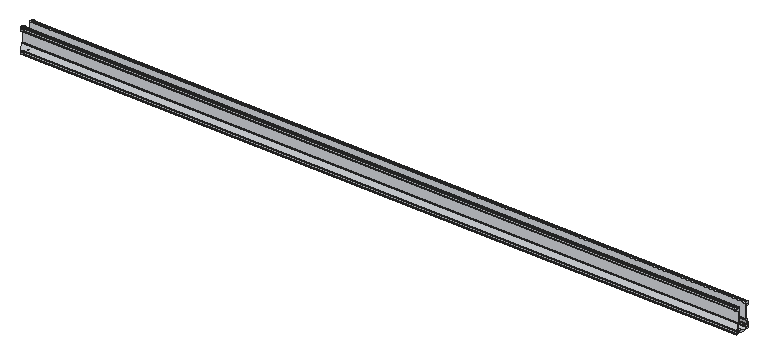
Revit family "54TSC4.00 16g Bottom Chord", category Structural Framing, Revit 2020
Family settings
  Section Shape = Not Defined
  Material for Model Behavior = Steel
  Always export as geometry = No
  OmniClass Number = 23.25.30.11.14.14
  OmniClass Title = Beams
  Always vertical = Yes
  Cut with Voids When Loaded = No
  Symbolic Representation = From Family
  Shared = No
  Show family pre-cut in plan views = Yes
Parameters
  Weight lbs per ft [instance] = 2.3976
  URL = "https://www.trussteel.com/details_files/pdf/ts008.pdf"
  Total Member Weight lbs [instance] = Length / 1' 0" * Weight lbs per ft  # 23.976
  Structural Material = ASTM A653 SS Grade 55 G90
  Steel Design Thickness (in) [instance] = 0.0566
  Model = "54TSC4.00"
  Manufacturer = "TrusSteel"
  Length [instance] = 10' - 0"
  Fy (ksi) [instance] = 55
  Fu (ksi) [instance] = 65
  Description = "Chord"
  Cross Section Area (in2) [instance] = 0.7052
  Beam Height = 0' - 4"
  Beam Width = 0' - 2 1/2"
Reference planes (in)
  plane 1 "Center (Front/Back)": y = 0
  plane 2 "Center El.": z = 0
  plane 3 "Center (Left/Right)": x = 0
  plane 4 "Left": x = -60
  plane 5 "Right": x = 60
Forms (in)
  Extrusion 1, solid
    sketch origin (0, 0, 0) x (0, 1, 0) y (0, 0, 1)
      loop
        line (0.8066, 1.57412) -> (0.8066, 3.8834)
        arc (0.8066, 3.8834) -> (0.82417, 3.92583) -> (0.8666, 3.9434) r 0.06
        line (0.8666, 3.9434) -> (1.1334, 3.9434)
        arc (1.1334, 3.9434) -> (1.17583, 3.92583) -> (1.1934, 3.8834) r 0.06
        line (1.1934, 3.8834) -> (1.1934, 3.6166)
        arc (1.1934, 3.6166) -> (1.17583, 3.57417) -> (1.1334, 3.5566) r 0.06
        line (1.1334, 3.5566) -> (1, 3.5566) -> (1, 3.5) -> (1.1334, 3.5)
        arc (1.1334, 3.5) -> (1.21585, 3.53415) -> (1.25, 3.6166) r 0.1166
        line (1.25, 3.6166) -> (1.25, 3.8834)
        arc (1.25, 3.8834) -> (1.21585, 3.96585) -> (1.1334, 4) r 0.1166
        line (1.1334, 4) -> (0.8666, 4)
        arc (0.8666, 4) -> (0.78415, 3.96585) -> (0.75, 3.8834) r 0.1166
        line (0.75, 3.8834) -> (0.75, 1.57412)
        arc (0.75, 1.57412) -> (0.75882, 1.48988) -> (0.7849, 1.4093) r 0.4066
        line (0.7849, 1.4093) -> (1.16336, 0.55577)
        arc (1.16336, 0.55577) -> (1.18581, 0.48641) -> (1.1934, 0.4139) r 0.35
        line (1.1934, 0.4139) -> (1.1934, 0.1506)
        arc (1.1934, 0.1506) -> (1.16587, 0.08413) -> (1.0994, 0.0566) r 0.094
        line (1.0994, 0.0566) -> (0.2508, 0.0566)
        arc (0.2508, 0.0566) -> (0.21957, 0.06395) -> (0.19491, 0.08446) r 0.07
        arc (0.19491, 0.08446) -> (0, 0.1816) -> (-0.19491, 0.08446) r 0.2441
        arc (-0.19491, 0.08446) -> (-0.21957, 0.06395) -> (-0.2508, 0.0566) r 0.07
        line (-0.2508, 0.0566) -> (-1.0994, 0.0566)
        arc (-1.0994, 0.0566) -> (-1.16587, 0.08413) -> (-1.1934, 0.1506) r 0.094
        line (-1.1934, 0.1506) -> (-1.1934, 0.4139)
        arc (-1.1934, 0.4139) -> (-1.18581, 0.48641) -> (-1.16336, 0.55577) r 0.35
        line (-1.16336, 0.55577) -> (-0.7849, 1.4093)
        arc (-0.7849, 1.4093) -> (-0.75882, 1.48988) -> (-0.75, 1.57412) r 0.4066
        line (-0.75, 1.57412) -> (-0.75, 3.8834)
        arc (-0.75, 3.8834) -> (-0.78415, 3.96585) -> (-0.8666, 4) r 0.1166
        line (-0.8666, 4) -> (-1.1334, 4)
        arc (-1.1334, 4) -> (-1.21585, 3.96585) -> (-1.25, 3.8834) r 0.1166
        line (-1.25, 3.8834) -> (-1.25, 3.6166)
        arc (-1.25, 3.6166) -> (-1.21585, 3.53415) -> (-1.1334, 3.5) r 0.1166
        line (-1.1334, 3.5) -> (-1, 3.5) -> (-1, 3.5566) -> (-1.1334, 3.5566)
        arc (-1.1334, 3.5566) -> (-1.17583, 3.57417) -> (-1.1934, 3.6166) r 0.06
        line (-1.1934, 3.6166) -> (-1.1934, 3.8834)
        arc (-1.1934, 3.8834) -> (-1.17583, 3.92583) -> (-1.1334, 3.9434) r 0.06
        line (-1.1334, 3.9434) -> (-0.8666, 3.9434)
        arc (-0.8666, 3.9434) -> (-0.82417, 3.92583) -> (-0.8066, 3.8834) r 0.06
        line (-0.8066, 3.8834) -> (-0.8066, 1.57412)
        arc (-0.8066, 1.57412) -> (-0.81419, 1.50161) -> (-0.83664, 1.43225) r 0.35
        line (-0.83664, 1.43225) -> (-1.2151, 0.57871)
        arc (-1.2151, 0.57871) -> (-1.24118, 0.49813) -> (-1.25, 0.4139) r 0.4066
        line (-1.25, 0.4139) -> (-1.25, 0.1506)
        arc (-1.25, 0.1506) -> (-1.20589, 0.04411) -> (-1.0994, 0) r 0.1506
        line (-1.0994, 0) -> (-0.2508, 0)
        arc (-0.2508, 0) -> (-0.19433, 0.01329) -> (-0.14971, 0.05038) r 0.1266
        arc (-0.14971, 0.05038) -> (0, 0.125) -> (0.14971, 0.05038) r 0.1875
        arc (0.14971, 0.05038) -> (0.19433, 0.01329) -> (0.2508, 0) r 0.1266
        line (0.2508, 0) -> (1.0994, 0)
        arc (1.0994, 0) -> (1.20589, 0.04411) -> (1.25, 0.1506) r 0.1506
        line (1.25, 0.1506) -> (1.25, 0.4139)
        arc (1.25, 0.4139) -> (1.24118, 0.49813) -> (1.2151, 0.57871) r 0.4066
        line (1.2151, 0.57871) -> (0.83664, 1.43225)
        arc (0.83664, 1.43225) -> (0.81419, 1.50161) -> (0.8066, 1.57412) r 0.35
    from -60 to 60
Dimensions and locks (in)
  equal spacing: plane 4 "Left", plane 3 "Center (Left/Right)", plane 5 "Right"
  "Length": plane 4 "Left" to plane 5 "Right"
  "Beam Width": Extrusion 1 to Extrusion 1
  "Beam Height": Extrusion 1 to Extrusion 1
  aligned and locked: level to plane 2 "Center El."
  aligned and locked: plane 4 "Left" to Extrusion 1
  aligned and locked: Extrusion 1 to plane 5 "Right"
Automatic sketch dimensions
  Extrusion 1 sketch curve to Extrusion 1 sketch curve = 0' - 0"  (x32)
  Extrusion 1 sketch curve to level = 0' - 0"  (x2)
  Extrusion 1 sketch curve to plane 1 "Center (Front/Back)" = 0' - 0"
  plane 1 "Center (Front/Back)" to Extrusion 1 sketch curve = 0' - 0.2508"
  plane 1 "Center (Front/Back)" to Extrusion 1 sketch curve = 0' - 0 3/4"
  Extrusion 1 sketch curve to Extrusion 1 sketch curve = 0' - 0.0349"  (x2)
  Extrusion 1 sketch curve to Extrusion 1 sketch curve = 0' - 0.0566"  (x2)
  Extrusion 1 sketch curve to Extrusion 1 sketch curve = 0' - 0.05174"  (x2)
  Extrusion 1 sketch curve to Extrusion 1 sketch curve = 0' - 0.5926"  (x2)
  Extrusion 1 sketch curve to Extrusion 1 sketch curve = 0' - 0.06"  (x4)
  Extrusion 1 sketch curve to Extrusion 1 sketch curve = 0' - 0.1334"  (x4)
  level to Extrusion 1 sketch curve = 0' - 0.0566"  (x2)
  Extrusion 1 sketch curve to Extrusion 1 sketch curve = 0' - 0.256"  (x2)
  Extrusion 1 sketch curve to Extrusion 1 sketch curve = 0' - 0.2668"  (x3)
  Extrusion 1 sketch curve to Extrusion 1 sketch curve = 0' - 0.35"
  level to Extrusion 1 sketch curve = 0' - 0.55577"  (x2)
  Extrusion 1 sketch curve to Extrusion 1 sketch curve = 0' - 0.31996"  (x3)
  Extrusion 1 sketch curve to Extrusion 1 sketch curve = 0' - 0.094"
  level to Extrusion 1 sketch curve = 0' - 0.57871"  (x2)
  Extrusion 1 sketch curve to plane 1 "Center (Front/Back)" = 0' - 0.2508"
  Extrusion 1 sketch curve to plane 1 "Center (Front/Back)" = 0' - 0 3/4"
  Extrusion 1 sketch curve to Extrusion 1 sketch curve = 0' - 0.03004"
  Extrusion 1 sketch curve to level = 0' - 0 1/16"
  Extrusion 1 sketch curve to Extrusion 1 sketch curve = 0' - 0.07"  (x2)
  Extrusion 1 sketch curve to Extrusion 1 sketch curve = 0' - 0.85354"  (x2)
  Extrusion 1 sketch curve to Extrusion 1 sketch curve = 0' - 1.92588"  (x2)
  Extrusion 1 sketch curve to Extrusion 1 sketch curve = 0' - 0.3268"
